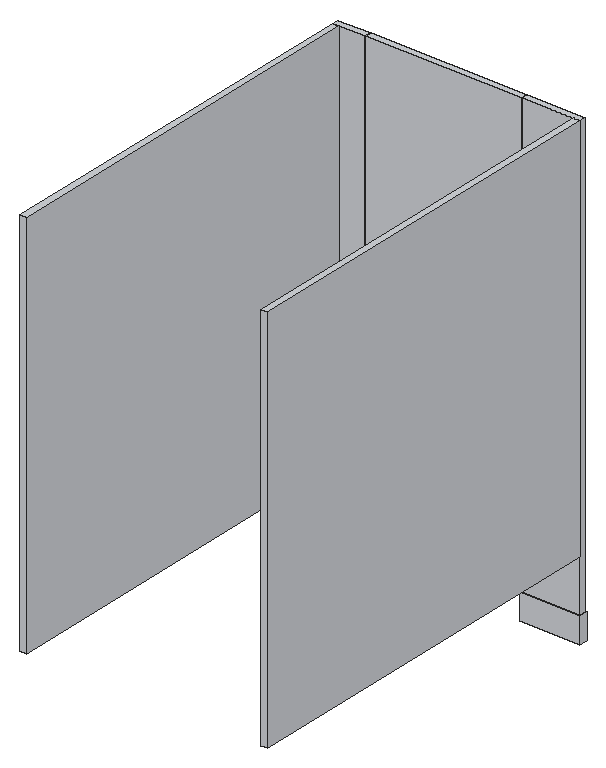
Revit family "API_MY_Restroom Stall_90_content", category Generic Models, Revit 2025
Family settings
  Can host rebar = No
  Round Connector Dimension = Use Diameter
  Part Type = Normal
  OmniClass Number = 23.25.40.14.14.11
  OmniClass Title = Toilet Compartments and Urinal Screens
  Work Plane-Based = No
  Always vertical = Yes
  Cut with Voids When Loaded = No
  Maintain Annotation Orientation = No
  Shared = No
  Room Calculation Point = No
Parameters (values of type "3x5")
  TO Panel = 6' - 0"
  Switch Door Swing [instance] = yes
  Stall Door Width [instance] = 2' - 0"
  Stall Door Shift = 0' - 0"
  Stall Clear Depth [instance] = 5' - 0"
  Stall Clear Width [instance] = 3' - 0"
  Show Door Swing in Elevation [instance] = yes
  Pilaster2Width [instance] = (Stall Clear Width - Stall Door Width) - (Door Offset)  # 0' - 8"
  Door Offset [instance] = 0' - 4"
  Pilaster Shoe Height = 0' - 4"
  Pilaster Shoe Finish (Material) [instance] = none
  Panel on Side 2 [instance] = yes
  Panel on Side 1 [instance] = yes
  Panel Thickness = 0' - 1"
  Panel Finish (Material) [instance] = none
  Keynote = "10 2113.14.TA-14"
  Door Swings In [instance] = yes
  Default Elevation = 0' - 0"
  BO Panel = 1' - 0"
  Assembly Code = "C1010400"
  ACM Version = "1.0"  # constant formula
Types (2): name | Stall Clear Depth | Stall Clear Width | Pilaster2Width | Door Swings In
  3x5 | 5' - 0" | 3' - 0" | 0' - 8" | yes
  5x5 | 7' - 0" | 5' - 0" | 2' - 8" | no
Reference planes (in)
  plane 1 "Center (Front/Back)": y = 0
  plane 2: z = 0
  plane 3 "Center (Left/Right)": x = 0
  plane 4: y = 60
  plane 5: x = 36
  plane 6: x = 4
Lines and regions (in)
  model lines, style "InvisibleLines"
    curve 1: line (18, 0, 0) -> (18, 6, 0)
    curve 2: line (0, 0, 0) -> (36, 0, 0)
Dimensions and locks (in)
  "Stall Clear Depth": plane 4 to plane 1 "Center (Front/Back)"
  "Stall Clear Width": plane 3 "Center (Left/Right)" to plane 5
  plane 3 "Center (Left/Right)" to curve 1 = 1' - 6"
  "Door Offset": plane 3 "Center (Left/Right)" to plane 6
  aligned and locked: plane 2 to level
  aligned and locked: plane 3 "Center (Left/Right)" to nested 2
  aligned and locked: plane 1 "Center (Front/Back)" to nested 2
  aligned and locked: nested 1 to plane 5
  aligned and locked: plane 1 "Center (Front/Back)" to nested 1
  aligned and locked: nested 3 to plane 4
  aligned and locked: nested 4 to plane 4
  aligned and locked: plane 3 "Center (Left/Right)" to nested 4
  aligned and locked: plane 1 "Center (Front/Back)" to curve 1
  aligned and locked: nested 3 to plane 6
  aligned and locked: plane 5 to nested 5
  aligned and locked: nested 5 to plane 4
  aligned and locked: plane 1 "Center (Front/Back)" to curve 2
Automatic sketch dimensions
  curve 2 to plane 3 "Center (Left/Right)" = 0' - 0"
  curve 2 to plane 5 = 0' - 0"
  curve 1 to plane 1 "Center (Front/Back)" = 0' - 6"
Nested families (in)
  nested 1: "102113_Panel" at (36.5, 0, 0), TO Panel <- "TO Panel", Panel Thickness <- "Panel Thickness", BO Panel <- "BO Panel", visible <- "Panel on Side 2", Panel Finish (Material) <- "Panel Finish (Material)", Panel Length <- "Stall Clear Depth", type "102113_Panel"
    with TO Panel 6' - 0", Panel Thickness 0' - 1", Panel Length 5' - 0", Panel Finish (Material) none, BO Panel 1' - 0"
  nested 2: "102113_Panel" at (-0.5, 0, 0), TO Panel <- "TO Panel", Panel Thickness <- "Panel Thickness", BO Panel <- "BO Panel", visible <- "Panel on Side 1", Panel Length <- "Stall Clear Depth", type "102113_Panel"
    with TO Panel 6' - 0", Panel Thickness 0' - 1", Panel Length 5' - 0", Panel Finish (Material) none, BO Panel 1' - 0"
  nested 3: "102113_Door" at (15, 60.5, 0), Show Door Swing in Elev <- "Show Door Swing in Elevation", Door Swings Left <- "Switch Door Swing", Door Swings In <- "Door Swings In", Panel Finish (Material) <- "Panel Finish (Material)", Panel Thickness <- "Panel Thickness", TO Door <- "TO Panel", Door Shift <- "Stall Door Shift", Door Width <- "Stall Door Width", BO Door <- "BO Panel", type "102113_Door"
    with TO Door 6' - 0", Show Door Swing in Elev yes, RightSwingVis no, RHR no, RH no, Panel Thickness 0' - 1", Panel Finish (Material) none, OffsetDriver 1' - 0", LeftSwingVis yes, LHR yes, LH no, Door Width 2' - 0", Door Swings Right no, Door Swings Out no, Door Swings Left yes, Door Swings In yes, Door Shift 0' - 0", Door Panel yes, BO Door 1' - 0"
  nested 4: "Left_End Pilaster_FA" at (0, 60, 0), Pilaster Shoe Finish (Material) <- "Pilaster Shoe Finish (Material)", Panel Finish (Material) <- "Panel Finish (Material)", TO Pilaster <- "TO Panel", Pilaster Width <- "Door Offset", Pilaster Shoe Height <- "Pilaster Shoe Height", Panel Thickness <- "Panel Thickness", Adjacent to Panel <- "Panel on Side 1", type "Left_End Pilaster_FA"
    with TO Pilaster 6' - 0", Pilaster Width 0' - 4", Pilaster Shoe Height 0' - 4", Pilaster Shoe Finish (Material) none, Panel Thickness 0' - 1", Panel Finish (Material) none, OffsetDriver 0' - 1", Front Panel yes, Adjacent to Panel yes
  nested 5: "ACM_Right_End Pilaster_FA" at (36, 61, 0) x (-1, 0, 0) z (0, 0, 1), TO Pilaster <- "TO Panel", Pilaster Width <- "Pilaster2Width", Pilaster Shoe Height <- "Pilaster Shoe Height", Panel Thickness <- "Panel Thickness", type "ACM_Right_End Pilaster_FA"
    with TO Pilaster 6' - 0", Pilaster Width 0' - 8", Pilaster Shoe Height 0' - 4", Pilaster Shoe Finish (Material) none, Panel Thickness 0' - 1", Panel Finish (Material) none, OffsetDriver 0' - 1", Front Panel yes, Adjacent to Panel yes
Definition of nested family "102113_Panel"
  Parameters
    TO Panel [instance] = 5' - 10"
    Panel Length [instance] = 5' - 0"
    Panel Thickness [instance] = 0' - 1"
    Panel Finish (Material) [instance] = none
    Default Elevation = 0' - 0"
    BO Panel [instance] = 1' - 0"
    Assembly Code = ""
  Reference planes (in)
    plane 1 "Front": y = 0
    plane 2: z = 0
    plane 3 "Center (Left/Right)": x = 0
    plane 4 "Back": y = 60
    plane 5: x = 0.5
    plane 6: x = -0.5
  Forms (in)
    Extrusion 1, solid, material <- "Panel Finish (Material)"
      sketch origin (0, 0, 0) x (1, 0, 0) y (0, 1, 0)
        loop
          line (-0.5, 0) -> (0.5, 0) -> (0.5, 60) -> (-0.5, 60) -> (-0.5, 0)
      from 12 <- "BO Panel" to 70 <- "TO Panel"
  Dimensions and locks (in)
    "Panel Length": plane 4 "Back" to plane 1 "Front"
    equal spacing: plane 6, plane 3 "Center (Left/Right)", plane 5
    "Panel Thickness": plane 6 to plane 5
    aligned and locked: plane 1 "Front" to Extrusion 1 sketch curve
    aligned and locked: plane 5 to Extrusion 1 sketch curve
    aligned and locked: plane 4 "Back" to Extrusion 1 sketch curve
    aligned and locked: Extrusion 1 sketch curve to plane 6
Definition of nested family "102113_Door"
  Parameters (values of type "102113_Door")
    Show Door Swing in Elev [instance] = yes
    RightSwingVis [instance] = and(Show Door Swing in Elev, Door Swings Right)  # yes
    RHR [instance] = and(Door Swings Right, Door Swings In)  # yes
    RH [instance] = and(Door Swings Right, Door Swings Out)  # no
    Panel Thickness [instance] = 0' - 1"
    TO Door [instance] = 5' - 10"
    Panel Finish (Material) [instance] = none
    Door Shift [instance] = 0' - 0"
    LeftSwingVis [instance] = and(Show Door Swing in Elev, Door Swings Left)  # no
    OffsetDriver [instance] = Door Width / 2 + Door Shift  # 1' - 3"
    LHR [instance] = and(Door Swings Left, Door Swings In)  # no
    LH [instance] = and(Door Swings Left, Door Swings Out)  # no
    Door Width [instance] = 2' - 6"
    Door Swings Right [instance] = not(Door Swings Left)  # yes
    Door Swings Out [instance] = not(Door Swings In)  # no
    Door Swings Left [instance] = no
    Door Swings In [instance] = yes
    Door Panel [instance] = yes
    Default Elevation = 0' - 0"
    BO Door [instance] = 1' - 0"
    Assembly Code = ""
  Reference planes (in)
    plane 1 "Center (Front/Back)": y = 0
    plane 2: z = 0
    plane 3 "Center (Left/Right)": x = 1
    plane 4: z = 12
    plane 5: z = 70
    plane 6 "Door Front": y = 0.5
    plane 7: y = -0.5
    plane 8: x = 16
    plane 9: x = -14
    plane 10: y = -30.5
    plane 11: x = -13
    plane 12: y = 30.5
    plane 13: x = 15
  Forms (in)
    Extrusion 1, solid, material <- "Panel Finish (Material)", visible <- "Door Panel"
      sketch origin (0, 0, 0) x (1, 0, 0) y (0, 1, 0)
        loop
          line (-14, -0.5) -> (16, -0.5) -> (16, 0.5) -> (-14, 0.5) -> (-14, -0.5)
      from 12 <- "BO Door" to 70 <- "TO Door"
  Lines and regions (in)
    symbolic lines, visible <- "LHR"
      curve 1: line (-14, -0.5, 0) -> (-13, -0.5, 0)
      curve 2: line (-14, -30.5, 0) -> (-14, -0.5, 0)
      curve 3: line (-13, -30.5, 0) -> (-14, -30.5, 0)
      curve 4: line (-13, -0.5, 0) -> (-13, -30.5, 0)
      curve 5: arc (16, -0.5, 0) -> (7.2132, -21.7132, 0) -> (-14, -30.5, 0) r 30
    symbolic lines, visible <- "LH"
      curve 6: line (-14, 30.5, 0) -> (-13, 30.5, 0)
      curve 7: line (-14, 0.5, 0) -> (-14, 30.5, 0)
      curve 8: line (-13, 0.5, 0) -> (-14, 0.5, 0)
      curve 9: line (-13, 30.5, 0) -> (-13, 0.5, 0)
      curve 10: arc (16, 0.5, 0) -> (7.2132, 21.7132, 0) -> (-14, 30.5, 0) r 30
    symbolic lines, visible <- "RH"
      curve 11: line (16, 0.5, 0) -> (15, 0.5, 0)
      curve 12: line (16, 30.5, 0) -> (16, 0.5, 0)
      curve 13: line (15, 30.5, 0) -> (16, 30.5, 0)
      curve 14: line (15, 0.5, 0) -> (15, 30.5, 0)
      curve 15: arc (16, 30.5, 0) -> (-5.2132, 21.7132, 0) -> (-14, 0.5, 0) r 30
    symbolic lines, visible <- "RHR"
      curve 16: line (16, -0.5, 0) -> (15, -0.5, 0)
      curve 17: line (16, -30.5, 0) -> (16, -0.5, 0)
      curve 18: line (15, -30.5, 0) -> (16, -30.5, 0)
      curve 19: line (15, -0.5, 0) -> (15, -30.5, 0)
      curve 20: arc (16, -30.5, 0) -> (-5.2132, -21.7132, 0) -> (-14, -0.5, 0) r 30
    model lines, visible <- "LeftSwingVis"
      curve 21: line (16, 0.5, 70) -> (-14, 0.5, 41)
      curve 22: line (-14, 0.5, 41) -> (16, 0.5, 12)
    model lines, visible <- "RightSwingVis"
      curve 23: line (-14, 0.5, 70) -> (16, 0.5, 41)
      curve 24: line (16, 0.5, 41) -> (-14, 0.5, 12)
  Dimensions and locks (in)
    equal spacing: plane 7, plane 1 "Center (Front/Back)", plane 6 "Door Front"
    "Panel Thickness": plane 6 "Door Front" to plane 7
    "Door Width": plane 9 to plane 8
    "Door Width": plane 7 to plane 10
    "Panel Thickness": plane 9 to plane 11
    equal spacing: plane 4, curve 22, plane 5
    "Door Width": plane 12 to plane 6 "Door Front"
    equal spacing: plane 5, curve 24, plane 4
    "Panel Thickness": plane 13 to plane 8
    "BO Door": plane 4 to level
    "TO Door": plane 5 to level
    "OffsetDriver": plane 9 to plane 3 "Center (Left/Right)"
    aligned and locked: plane 9 to curve 2
    aligned and locked: curve 4 to plane 11
    aligned and locked: curve 1 to plane 7
    aligned and locked: curve 3 to plane 10
    aligned and locked: plane 9 to Extrusion 1 sketch curve
    aligned and locked: plane 6 "Door Front" to Extrusion 1 sketch curve
    aligned and locked: plane 8 to Extrusion 1 sketch curve
    aligned and locked: Extrusion 1 sketch curve to plane 7
    aligned and locked: plane 12 to curve 6
    aligned and locked: plane 6 "Door Front" to curve 9
    aligned and locked: curve 9 to plane 11
    aligned and locked: plane 9 to curve 7
    aligned and locked: plane 6 "Door Front" to curve 11
    aligned and locked: curve 12 to plane 8
    aligned and locked: plane 13 to curve 14
    aligned and locked: plane 12 to curve 13
    aligned and locked: plane 10 to curve 18
    aligned and locked: curve 19 to plane 13
    aligned and locked: plane 8 to curve 17
    aligned and locked: plane 7 to curve 16
  Automatic sketch dimensions
    curve 15 to plane 6 "Door Front" = 0' - 0"
    curve 21 to plane 5 = 0' - 0"
    curve 21 to plane 8 = 0' - 0"
    curve 21 to plane 9 = 0' - 0"
    curve 22 to plane 4 = 0' - 0"
    curve 22 to plane 8 = 0' - 0"
    curve 23 to plane 5 = 0' - 0"
    curve 23 to plane 9 = 0' - 0"
    curve 24 to plane 8 = 0' - 0"
    curve 24 to plane 4 = 0' - 0"
    curve 24 to plane 9 = 0' - 0"
Definition of nested family "Left_End Pilaster_FA"
  Parameters (values of type "102113_End Pilaster_FA")
    TO Pilaster [instance] = 6' - 10"
    Pilaster Width [instance] = 0' - 4"
    Pilaster Shoe Height [instance] = 0' - 4"
    Panel Thickness [instance] = 0' - 1"
    Front Panel [instance] = yes
    Default Elevation = 0' - 0"
    Adjacent to Panel [instance] = yes
    Pilaster Shoe Finish (Material) [instance] = none
    Panel Finish (Material) [instance] = none
    OffsetDriver [instance] = if(Adjacent to Panel, Panel Thickness, 0' 0")  # 0' - 1"
  Reference planes (in)
    plane 1 "Center (Front/Back)": y = 0
    plane 2: z = 0
    plane 3 "Center (Left/Right)": x = 0
    plane 4: x = 4
    plane 5: x = -1
    plane 6: y = 1
    plane 7: z = 4
    plane 8: z = 82
  Forms (in)
    Extrusion 1, solid, material <- "Pilaster Shoe Finish (Material)", visible <- "Front Panel"
      sketch origin (0, 0, 0) x (1, 0, 0) y (0, 1, 0)
        loop
          line (-1.125, 1.125) -> (-1.125, -0.125) -> (4.125, -0.125) -> (4.125, 1.125) -> (-1.125, 1.125)
      from 0 to 4
    Extrusion 2, solid, material <- "Panel Finish (Material)", visible <- "Front Panel"
      sketch origin (0, 0, 0) x (1, 0, 0) y (0, 1, 0)
        loop
          line (-1, 1) -> (-1, 0) -> (4, 0) -> (4, 1) -> (-1, 1)
      from 4 to 82
  Dimensions and locks (in)
    "OffsetDriver": plane 5 to plane 3 "Center (Left/Right)"
    "Pilaster Shoe Height": plane 7 to level
    "TO Pilaster": plane 8 to level
    locked: plane 4 to Extrusion 1 sketch curve at 0.125
    locked: Extrusion 1 sketch curve to plane 5 at 0.125
    locked: Extrusion 1 sketch curve to plane 6 at 0.125
    "Panel Thickness": plane 1 "Center (Front/Back)" to plane 6
    locked: Extrusion 1 sketch curve to plane 1 "Center (Front/Back)" at 0.125
    "Pilaster Width": plane 3 "Center (Left/Right)" to plane 4
    aligned and locked: plane 2 to level
    aligned and locked: Extrusion 1 to level
    aligned and locked: plane 7 to Extrusion 1
    aligned and locked: plane 4 to Extrusion 2 sketch curve
    aligned and locked: Extrusion 2 sketch curve to plane 6
    aligned and locked: plane 5 to Extrusion 2 sketch curve
    aligned and locked: plane 8 to Extrusion 2
    aligned and locked: Extrusion 2 to plane 7
    aligned and locked: Extrusion 2 sketch curve to plane 1 "Center (Front/Back)"
Definition of nested family "ACM_Right_End Pilaster_FA"
  Parameters (values of type "ACM_rIGHT_End Pilaster_FA")
    TO Pilaster [instance] = 6' - 10"
    Pilaster Width [instance] = 0' - 4"
    Pilaster Shoe Height [instance] = 0' - 4"
    Panel Thickness [instance] = 0' - 1"
    Front Panel [instance] = yes
    Default Elevation = 0' - 0"
    Adjacent to Panel [instance] = yes
    Pilaster Shoe Finish (Material) [instance] = none
    Panel Finish (Material) [instance] = none
    OffsetDriver [instance] = if(Adjacent to Panel, Panel Thickness, 0' 0")  # 0' - 1"
  Reference planes (in)
    plane 1 "Center (Front/Back)": y = 0
    plane 2: z = 0
    plane 3 "Center (Left/Right)": x = 0
    plane 4: x = 4
    plane 5: x = -1
    plane 6: y = 1
    plane 7: z = 4
    plane 8: z = 82
  Forms (in)
    Extrusion 1, solid, material <- "Pilaster Shoe Finish (Material)", visible <- "Front Panel"
      sketch origin (0, 0, 0) x (1, 0, 0) y (0, 1, 0)
        loop
          line (-1.125, 1.125) -> (-1.125, -0.125) -> (4.125, -0.125) -> (4.125, 1.125) -> (-1.125, 1.125)
      from 0 to 4
    Extrusion 2, solid, material <- "Panel Finish (Material)", visible <- "Front Panel"
      sketch origin (0, 0, 0) x (1, 0, 0) y (0, 1, 0)
        loop
          line (-1, 1) -> (-1, 0) -> (4, 0) -> (4, 1) -> (-1, 1)
      from 4 to 82
  Dimensions and locks (in)
    "OffsetDriver": plane 5 to plane 3 "Center (Left/Right)"
    "Pilaster Shoe Height": plane 7 to level
    "TO Pilaster": plane 8 to level
    locked: plane 4 to Extrusion 1 sketch curve at 0.125
    locked: Extrusion 1 sketch curve to plane 5 at 0.125
    locked: Extrusion 1 sketch curve to plane 6 at 0.125
    "Panel Thickness": plane 1 "Center (Front/Back)" to plane 6
    locked: Extrusion 1 sketch curve to plane 1 "Center (Front/Back)" at 0.125
    "Pilaster Width": plane 3 "Center (Left/Right)" to plane 4
    aligned and locked: plane 2 to level
    aligned and locked: Extrusion 1 to level
    aligned and locked: plane 7 to Extrusion 1
    aligned and locked: plane 4 to Extrusion 2 sketch curve
    aligned and locked: Extrusion 2 sketch curve to plane 6
    aligned and locked: plane 5 to Extrusion 2 sketch curve
    aligned and locked: plane 8 to Extrusion 2
    aligned and locked: Extrusion 2 to plane 7
    aligned and locked: Extrusion 2 sketch curve to plane 1 "Center (Front/Back)"
